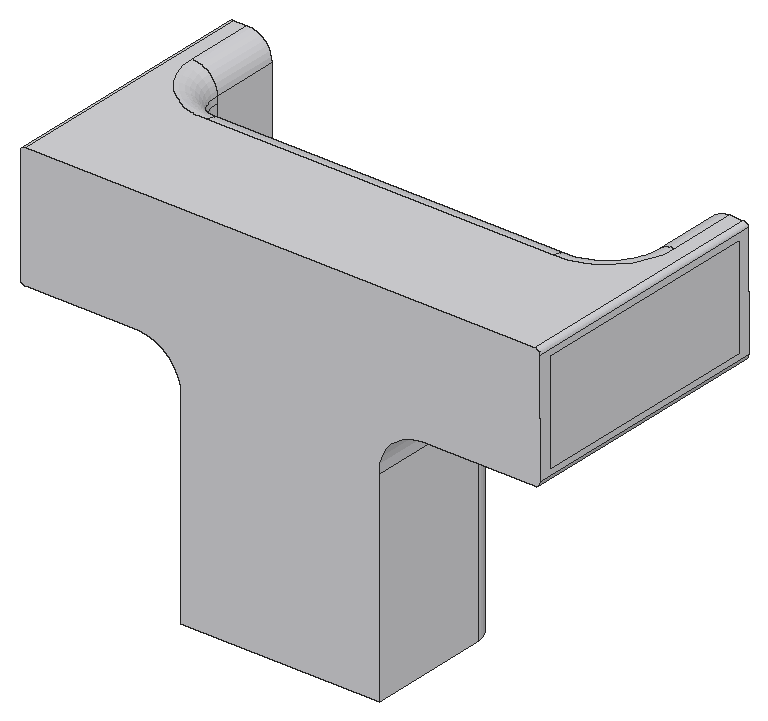
Revit family "Accessory-Robe_Hook-KOHLER-STRAYT-K-37346T_1", category Specialty Equipment, host Face, Revit 2017 (continued)
Definition of nested family "K-37346T"
  Lines and regions (in)
    symbolic lines, visible <- "Red White", detail levels medium+fine
      curve 154: arc (0, 0.39969, 2.04561) -> (0, 0.39105, 2.05985) -> (0, 0.3772, 2.06909) r 0.03836
      curve 155: line (0, 0.3772, 2.06909) -> (0, 0.32844, 2.08797)
      curve 156: arc (0, 0.32844, 2.08797) -> (0, 0.31192, 2.08827) -> (0, 0.29913, 2.07781) r 0.02398
      curve 157: line (0, 0.29913, 2.07781) -> (0, 0.1756, 1.86884)
      curve 158: arc (0, 0.1756, 1.86884) -> (0, 0.17278, 1.8517) -> (0, 0.18228, 1.83715) r 0.02397
      curve 159: line (0, 0.18228, 1.83715) -> (0, 0.25428, 1.78559)
      curve 160: arc (0, 0.25428, 1.78559) -> (0, 0.27056, 1.77984) -> (0, 0.28739, 1.7837) r 0.03099
      curve 161: line (0, 0.28739, 1.7837) -> (0, 0.4403, 1.86875)
      curve 162: arc (0, 0.4403, 1.86875) -> (0, 0.45022, 1.88016) -> (0, 0.45054, 1.89527) r 0.0222
      curve 163: line (0, 0.1196, 1.67323) -> (0, 0.30513, 1.67323)
      curve 164: arc (0, 0.30513, 1.67323) -> (0, 0.31688, 1.6818) -> (0, 0.31231, 1.69561) r 0.01234
      curve 165: line (0, 0.31231, 1.69561) -> (0, 0.16175, 1.80343)
      curve 166: arc (0, 0.16175, 1.80343) -> (0, 0.14626, 1.80668) -> (0, 0.1334, 1.79745) r 0.01965
      curve 167: line (0, 0.1334, 1.79745) -> (0, 0.09843, 1.73829)
      curve 168: line (0, 0.09843, 1.73829) -> (0, 0.09843, 1.6944)
      curve 169: arc (0, 0.09843, 1.6944) -> (0, 0.10463, 1.67943) -> (0, 0.1196, 1.67323) r 0.02118
      curve 170: line (0, 0.25177, 2.11767) -> (0, 0.12053, 2.1685)
      curve 171: arc (0, 0.12053, 2.1685) -> (0, 0.10549, 2.16675) -> (0, 0.09843, 2.15335) r 0.01624
      curve 172: line (0, 0.09843, 2.15335) -> (0, 0.09843, 1.86163)
      curve 173: arc (0, 0.09843, 1.86163) -> (0, 0.10768, 1.8495) -> (0, 0.12182, 1.85523) r 0.01257
      curve 174: line (0, 0.12182, 1.85523) -> (0, 0.26108, 2.09081)
      curve 175: arc (0, 0.26108, 2.09081) -> (0, 0.26264, 2.1064) -> (0, 0.25177, 2.11767) r 0.01864
  Dimensions and locks (in)
    plane 9 to plane 1 "Center (Front/Back)" = 1.65354"
    plane 7 to plane 6 = 3.30709"
    level to plane 8 = 2.3622"
    aligned and locked: plane 2 to level
Types (4): name | White C | WC | Type | Red White C | Red C | Product Page URL | Model
  (no name) | yes | yes | 1 | no | no | "https://www.kohler.com.cn/product/K-37346T-CP/K-37346T-CP/" | "K-37346T-CP"
  CP-Polished Chrome | yes | yes | 1 | no | no | "https://www.kohler.com.cn/product/K-37346T-CP/K-37346T-CP/" | "K-37346T-CP"
  DPR, CP-Polished Chrome | no | no | 2 | yes | yes | "https://www.kohler.com.cn/product/K-37346T-CP/K-37346T-DPR-CP/" | "K-37346T-DPR-CP"
  DPW, CP-Polished Chrome | no | no | 3 | yes | no | "https://www.kohler.com.cn/product/K-37346T-CP/K-37346T-DPW-CP/" | "K-37346T-DPW-CP"
